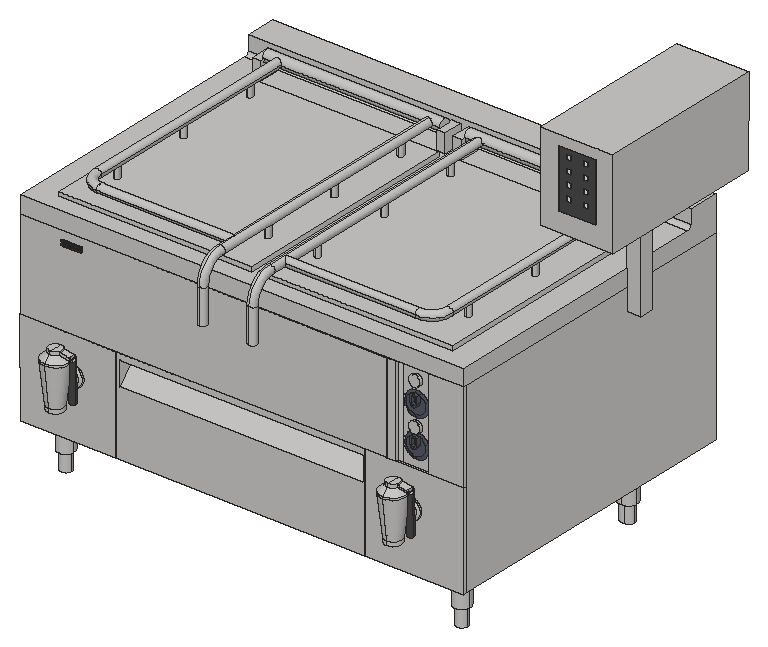
Revit family "QF_ZANUSSI_291162_CR42V", category Attrezzature speciali, Revit 2021 (continued)
Definition of nested family "Block1"
  Automatic sketch dimensions
    Revolve 8 sketch curve to Revolve 8 sketch curve = 8.349 mm
    plane 4 to Revolve 8 sketch curve = 9.912 mm
    Revolve 8 sketch curve to Revolve 8 sketch curve = 0.109 mm
    Revolve 8 sketch curve to Revolve 8 sketch curve = 24.452 mm
    Revolve 8 sketch curve to Revolve 8 sketch curve = 0 mm
    radius of Extrusion 4 sketch curve = 0.699 mm
    radius of Extrusion 5 sketch curve = 0.699 mm
    radius of Extrusion 7 sketch curve = 0.699 mm
    radius of Extrusion 6 sketch curve = 0.699 mm
Definition of nested family "ZANUSSI_Logo"
  Parameters
    Show Logo [instance] = yes
    Default Elevation = 1219.2 mm
  Reference planes
    plane 1 "Center (Front/Back)": y = -49
    plane 2: z = 0
    plane 3 "Center (Left/Right)": x = -9.92
  Forms (mm)
    Extrusion 1, solid
      sketch origin (0, 0, 0) x (1, 0, 0) y (0, 1, 0)
        loop
          line (-1219.2, 1219.2) -> (-1219.2, -1219.2) -> (1219.2, -1219.2) -> (1219.2, 1219.2) -> (-1219.2, 1219.2)
      from 0 to -304.8
    Extrusion 2, solid
      sketch origin (0, 0, 0) x (1, 0, 0) y (0, 1, 0)
        loop
          line (-31.066, -58.686) -> (-31.066, -54.721) -> (-37.012, -54.721) -> (-31.066, -42.599) -> (-31.066, -39.314) -> (-40.922, -39.314) -> (-40.922, -42.939) -> (-35.711, -42.826) -> (-41.375, -54.721) -> (-41.375, -58.686) -> (-31.066, -58.686)
        loop
          line (-25.376, -51.436) -> (-23.11, -51.436) -> (-24.243, -42.625) -> (-25.376, -51.436)
        loop
          line (-26.395, -58.686) -> (-25.829, -54.947) -> (-22.544, -54.947) -> (-21.977, -58.686) -> (-17.899, -58.686) -> (-21.524, -39.314) -> (-26.962, -39.314) -> (-30.474, -58.686) -> (-26.395, -58.686)
        loop
          line (-17.397, -39.314) -> (-17.397, -58.686) -> (-13.885, -58.686) -> (-13.885, -45.885) -> (-10.6, -58.686) -> (-6.295, -58.686) -> (-6.295, -39.314) -> (-9.92, -39.314) -> (-9.92, -51.662) -> (-13.205, -39.314) -> (-17.397, -39.314)
        loop
          arc (-5.389, -53.895) -> (-0.543, -58.717) -> (4.92, -54.608) r 5.22
          line (4.92, -54.608) -> (4.92, -39.314) -> (0.955, -39.314) -> (0.955, -53.701)
          arc (0.955, -53.701) -> (-0.087, -54.903) -> (-1.424, -54.041) r 1.214
          line (-1.424, -54.041) -> (-1.424, -39.314) -> (-5.389, -39.314) -> (-5.389, -53.895)
        loop
          line (12.283, -45.432) -> (16.022, -45.432) -> (16.083, -43.67)
          arc (16.083, -43.67) -> (15.823, -41.707) -> (14.592, -40.156) r 3.719
          arc (14.592, -40.156) -> (10.973, -38.976) -> (7.355, -40.156) r 6.139
          arc (7.355, -40.156) -> (5.879, -43.021) -> (6.062, -46.238) r 6.125
          arc (6.062, -46.238) -> (7.274, -48.016) -> (8.762, -49.572) r 13.068
          line (8.762, -49.572) -> (10.432, -51.052)
          arc (10.432, -51.052) -> (11.419, -51.89) -> (12.186, -52.933) r 5.571
          arc (12.186, -52.933) -> (11.996, -54.755) -> (10.209, -55.162) r 1.573
          arc (10.209, -55.162) -> (9.672, -54.618) -> (9.441, -53.888) r 1.631
          arc (9.441, -53.888) -> (9.424, -53.374) -> (9.441, -52.86) r 7.441
          arc (9.441, -52.86) -> (9.458, -52.374) -> (9.441, -51.889) r 7.03
          line (9.441, -51.889) -> (5.486, -51.889)
          arc (5.486, -51.889) -> (5.525, -54.662) -> (6.618, -57.21) r 7.131
          arc (6.618, -57.21) -> (11.782, -58.681) -> (16.132, -55.533) r 6.148
          arc (16.132, -55.533) -> (16.211, -52.281) -> (14.817, -49.343) r 7.021
          line (14.817, -49.343) -> (10.471, -45.432)
          arc (10.471, -45.432) -> (9.883, -44.693) -> (9.568, -43.803) r 2.858
          arc (9.568, -43.803) -> (10.687, -42.206) -> (12.283, -43.325) r 1.379
          line (12.283, -43.325) -> (12.283, -45.432)
        loop
          line (23.582, -45.432) -> (27.32, -45.432) -> (27.382, -43.67)
          arc (27.382, -43.67) -> (27.121, -41.707) -> (25.89, -40.156) r 3.719
          arc (25.89, -40.156) -> (22.271, -38.976) -> (18.653, -40.156) r 6.139
          arc (18.653, -40.156) -> (17.177, -43.021) -> (17.36, -46.238) r 6.125
          arc (17.36, -46.238) -> (18.572, -48.016) -> (20.06, -49.572) r 13.068
          line (20.06, -49.572) -> (21.73, -51.052)
          arc (21.73, -51.052) -> (22.717, -51.89) -> (23.484, -52.933) r 5.571
          arc (23.484, -52.933) -> (23.294, -54.755) -> (21.508, -55.162) r 1.573
          arc (21.508, -55.162) -> (20.97, -54.618) -> (20.74, -53.888) r 1.631
          arc (20.74, -53.888) -> (20.722, -53.374) -> (20.74, -52.86) r 7.441
          arc (20.74, -52.86) -> (20.756, -52.374) -> (20.74, -51.889) r 7.03
          line (20.74, -51.889) -> (16.785, -51.889)
          arc (16.785, -51.889) -> (16.823, -54.662) -> (17.916, -57.21) r 7.131
          arc (17.916, -57.21) -> (23.08, -58.681) -> (27.431, -55.533) r 6.148
          arc (27.431, -55.533) -> (27.51, -52.281) -> (26.115, -49.343) r 7.021
          line (26.115, -49.343) -> (21.769, -45.432)
          arc (21.769, -45.432) -> (21.181, -44.693) -> (20.866, -43.803) r 2.858
          arc (20.866, -43.803) -> (21.985, -42.206) -> (23.582, -43.325) r 1.379
          line (23.582, -43.325) -> (23.582, -45.432)
        loop
          line (28.143, -39.314) -> (28.143, -58.686) -> (32.108, -58.686) -> (32.108, -39.314) -> (28.143, -39.314)
      from 0 to 1.6
  Dimensions and locks
    aligned and locked: plane 2 to Extrusion 1
    aligned and locked: level to Extrusion 1
